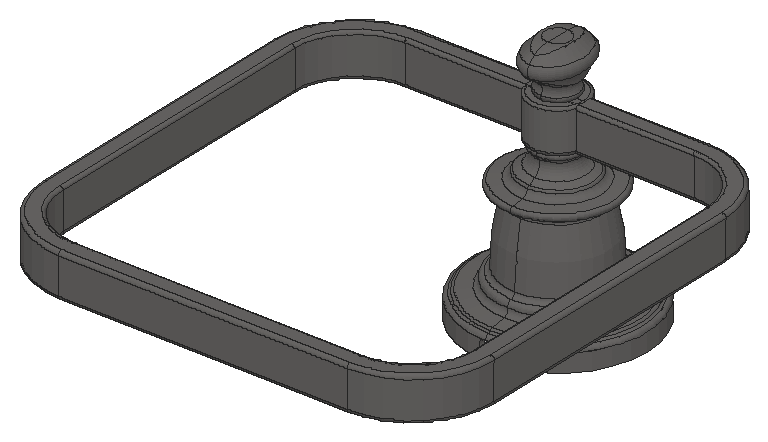
Revit family "Accessory-Towel_Ring-KOHLER-Relic-K-26496_1", category Specialty Equipment, host Face, Revit 2021
Family settings
  Host = Face
  Round Connector Dimension = Use Diameter
  Part Type = Normal
  OmniClass Number = 23.31.25.25
  OmniClass Title = Towel Bars
  Cut with Voids When Loaded = No
  Shared = No
  Room Calculation Point = No
Parameters (values of type "2BZ-Oil Rubbed Bronze")
  Width = 3 51/256"  # constant formula
  WaterSense Certified = 1 = 0  # no
  URL = "https://www.us.kohler.com/us/"
  Type = 1
  Product Page URL = "http://www.us.kohler.com/us/catalog/productDetails.jsp?productId=26496"
  Product Name = "Relic"  # constant formula
  Product Documentation Link = "https://www.us.kohler.com/webassets/kpna/catalog/pdf/en/K-26496_spec_US-CA_Kohler_en.pdf"
  Model = if(Type = 1, "K-26496-2BZ", if(Type = 2, "K-26496-2MB", if(Type = 3, "K-26496-BN", if(Type = 4, "K-26496-CP", "NA"))))  # "K-26496-2BZ"
  Material = "Premium Metal Construction"  # constant formula
  Master Format 2014 Name = "Toilet, Bath, and Laundry Accessories"  # constant formula
  Master Format 2014 = "10 28 00"  # constant formula
  Manufacturer Address = "444 Highland Dr, Kohler, WI 53044"  # constant formula
  Manufacturer = "Kohler Co."  # constant formula
  Length = 5.75244"  # constant formula
  Height = 6.78346"  # constant formula
  Finish = Kohler-Metal-2BZ-Oil_Rubbed_Bronze
  Environmental Product Declaration = ""
  Description = "Towel ring"  # constant formula
  Default Elevation = 42"
  Declare Label = ""
  Date Modified = "12/15/2022"  # constant formula
  Date Created = "12/15/2022"  # constant formula
  Copyright = "Copyright Kohler Co."  # constant formula
  Contact Us = "https://www.us.kohler.com/us/static/contact.jsp"
  Assembly Code = "C1030200"
  ADA Compliant = 1 = 0  # no
Types (5): name | Type | Model | Finish
  (no name) | 1 | "K-26496-2BZ" | Kohler-Metal-2BZ-Oil_Rubbed_Bronze
  2BZ-Oil Rubbed Bronze | 1 | "K-26496-2BZ" | Kohler-Metal-2BZ-Oil_Rubbed_Bronze
  2MB-Vibrant Brushed Moderne Brass | 2 | "K-26496-2MB" | Kohler-Metal-2MB-Vibrant_Brushed_Moderne_Brass
  BN-Vibrant Brushed Nickel | 3 | "K-26496-BN" | Kohler-Metal-BN-Vibrant_Brushed_Nickel
  CP-Polished Chrome | 4 | "K-26496-CP" | Kohler-Metal-CP-Polished_Chrome
Reference planes (in)
  plane 1 "Center (Front/Back)": y = 0
  plane 2: z = 0
  plane 3 "Center (Left/Right)": x = 0
  plane 4: y = 1.14381
  plane 5: y = -5.63965
  plane 6: x = -2.87357
  plane 7: x = 2.87888
  plane 8: y = -1.14359
  plane 9: x = 1.31693
  plane 10: x = -1.31693
  plane 11: z = 3.19922
  plane 12: x = -1.1437
  plane 13: x = 1.1437
  plane 14: z = 2.02512
  plane 15: z = 2.5763
Dimensions and locks (in)
  "Width": level to plane 11
  "Length": plane 6 to plane 7
  "Height": plane 5 to plane 4
  plane 15 to plane 14 = 0.55118"
  plane 12 to plane 13 = 2.2874"  (x2)
  plane 6 to plane 7 = 5.75244"
  level to plane 11 = 3 51/256"
  plane 10 to plane 9 = 2.63386"
  aligned and locked: plane 2 to host face
  aligned and locked: level to host face
  aligned and locked: plane 3 "Center (Left/Right)" to nested 1
  aligned and locked: plane 1 "Center (Front/Back)" to nested 1
Automatic sketch dimensions
  host sketch curve to host sketch curve = 96"  (x2)
Nested families (in)
  nested 1: "K-26496" at (0, 0, 0), type "K-26496"
Definition of nested family "K-26496"
  Parameters
    Material = none
    Default Elevation = 0"
  Reference planes (in)
    plane 1 "Center (Front/Back)": y = 0
    plane 2: z = 0
    plane 3 "Center (Left/Right)": x = 0
    plane 4: z = 3.20079
    plane 5: y = -1.14359
    plane 6: x = -1.31693
    plane 7: x = 1.31693
    plane 8: x = -1.1437
    plane 9: x = 1.1437
    plane 10: y = 1.14381
    plane 11: z = 2.5763
    plane 12 "A": through (0, -0.57661, 0.10418) normal (0, 0.0698, 0.9976)
    plane 13: z = 2.02512
    plane 14: x = 2.87886
    plane 15: x = -2.87357
    plane 16: y = -5.63965
    plane 17: y = 0.45144
  Forms (in)
    Revolve 1, solid, material <- "Material", detail levels medium+fine
      sketch origin (0, 0, 0) x (0, 1, 0) y (0, 0, 1)
        loop
          line (0, 0) -> (1.14381, 0) -> (1.14381, 0.22705)
          arc (1.14381, 0.22705) -> (1.12922, 0.26507) -> (1.09294, 0.28358) r 0.05684
          arc (1.09294, 0.28358) -> (1.0771, 0.28968) -> (1.06645, 0.30291) r 0.0327
          arc (1.06645, 0.30291) -> (1.05374, 0.31875) -> (1.03481, 0.32615) r 0.03937
          arc (1.03481, 0.32615) -> (0.93986, 0.3392) -> (0.84568, 0.35697) r 1.92
          arc (0.84568, 0.35697) -> (0.79922, 0.38853) -> (0.78787, 0.44353) r 0.07472
          arc (0.78787, 0.44353) -> (0.77586, 0.4934) -> (0.73082, 0.51793) r 0.06318
          arc (0.73082, 0.51793) -> (0.69186, 0.53707) -> (0.67652, 0.57767) r 0.05906
          arc (0.67652, 0.57767) -> (0.65551, 0.97908) -> (0.58087, 1.37404) r 2.99092
          arc (0.58087, 1.37404) -> (0.58262, 1.40029) -> (0.59971, 1.42029) r 0.04178
          arc (0.59971, 1.42029) -> (0.66329, 1.45847) -> (0.72688, 1.4962) r 13.83242
          arc (0.72688, 1.4962) -> (0.74628, 1.53821) -> (0.71379, 1.57117) r 0.04066
          arc (0.71379, 1.57117) -> (0.63641, 1.58357) -> (0.55844, 1.59157) r 1.38402
          arc (0.55844, 1.59157) -> (0.50183, 1.61516) -> (0.47061, 1.66795) r 0.09722
          arc (0.47061, 1.66795) -> (0.46381, 1.68299) -> (0.45144, 1.69392) r 0.03937
          arc (0.45144, 1.69392) -> (0.4055, 1.71891) -> (0.35887, 1.74258) r 1.82093
          arc (0.35887, 1.74258) -> (0.28967, 1.81689) -> (0.28782, 1.91842) r 0.14194
          arc (0.28782, 1.91842) -> (0.29893, 1.94088) -> (0.31472, 1.96033) r 0.11268
          arc (0.31472, 1.96033) -> (0.32142, 2.00644) -> (0.27882, 2.02532) r 0.03855
          line (0.27882, 2.02532) -> (0, 2.02532) -> (0, 0)
        loop
          line (0, 3.20079) -> (0, 2.5763) -> (0.22245, 2.5763)
          arc (0.22245, 2.5763) -> (0.2563, 2.59551) -> (0.25716, 2.63442) r 0.03943
          arc (0.25716, 2.63442) -> (0.24489, 2.71454) -> (0.28601, 2.7844) r 0.12087
          arc (0.28601, 2.7844) -> (0.38461, 2.86078) -> (0.48872, 2.92947) r 1.64606
          arc (0.48872, 2.92947) -> (0.5117, 2.96018) -> (0.50696, 2.99825) r 0.05131
          arc (0.50696, 2.99825) -> (0.36246, 3.1464) -> (0.16278, 3.20079) r 0.3937
          line (0.16278, 3.20079) -> (0, 3.20079)
        axis (0, 0) -> (0, 3.20079)
      angle from 0 to 360
    Sweep 2, void
      path origin (0, 0, 0) x (1, 0, 0) y (0, 1, 0)
        loop
          spline (0, -0.51181) -> (0.1019, -0.49437) -> (0.19685, -0.44324) -> (0.27839, -0.36191) -> (0.34095, -0.25591) -> (0.38029, -0.13247) -> (0.3937, 0) -> (0.38029, 0.13247) -> (0.34095, 0.25591) -> (0.27839, 0.36191) -> (0.19685, 0.44324) -> (0.1019, 0.49437) -> (0, 0.51181)
          spline (0, 0.51181) -> (-0.1019, 0.49437) -> (-0.19685, 0.44324) -> (-0.27839, 0.36191) -> (-0.34095, 0.25591) -> (-0.38029, 0.13247) -> (-0.3937, 0) -> (-0.38029, -0.13247) -> (-0.34095, -0.25591) -> (-0.27839, -0.36191) -> (-0.19685, -0.44324) -> (-0.1019, -0.49437) -> (0, -0.51181)
      profile origin (-0.3937, 0, 0) x (-1, 0, 0) y (0, 0, 1)
        loop
          arc (-0.0675, 3.0689) -> (-0.03209, 2.99452) -> (-0.05769, 2.91623) r 0.11099
          arc (-0.05769, 2.91623) -> (-0.11657, 2.81788) -> (-0.14224, 2.70617) r 0.36705
          line (-0.14224, 2.70617) -> (0.16861, 2.70617) -> (0.16861, 3.24417) -> (-0.2366, 3.24417)
          arc (-0.2366, 3.24417) -> (-0.15455, 3.15412) -> (-0.0675, 3.0689) r 2.13506
    Revolve 3, void
      sketch origin (0, 0, 0) x (0, 1, 0) y (0, 0, 1)
        loop
          line (-1.19354, 0.24324) -> (-1.19354, 0.16078) -> (-0.89588, 0.13834) -> (-0.8897, 0.22034) -> (-1.19354, 0.24324)
        axis (-1.19972, 0.16124) -> (-0.89588, 0.13834)
      angle from 0 to 360
    Revolve 4, solid, detail levels medium+fine
      sketch origin (0, 0, 0) x (0, 1, 0) y (0, 0, 1)
        loop
          line (-1.07966, 0.15282) -> (-0.62643, 0.12113) -> (-0.62074, 0.20249) -> (-1.07397, 0.23418) -> (-1.07966, 0.15282)
        axis (-0.62643, 0.12113) -> (-1.07966, 0.15282)
      angle from 0 to 360
    Extrusion 5, void
      sketch origin (0, -0.01355, -0.04208) x (1, 0, 0) y (0, 0.052336, 0.99863)
        loop
          line (0.02887, 0.1825) -> (-0.02457, 0.1825) -> (-0.05129, 0.13622) -> (-0.02457, 0.08994) -> (0.02887, 0.08994) -> (0.05559, 0.13622) -> (0.02887, 0.1825)
      from 0.58065 to 1.2111
    Revolve 6, solid, material <- "Material", detail levels coarse
      sketch origin (0, 0, 0) x (0, 1, 0) y (0, 0, 1)
        loop
          line (0.00011, 0) -> (1.14381, 0) -> (1.14381, 0.22705)
          arc (1.14381, 0.22705) -> (1.12922, 0.26507) -> (1.09294, 0.28358) r 0.05684
          arc (1.09294, 0.28358) -> (1.0771, 0.28968) -> (1.06645, 0.30291) r 0.0327
          arc (1.06645, 0.30291) -> (1.05374, 0.31875) -> (1.03481, 0.32615) r 0.03937
          arc (1.03481, 0.32615) -> (0.93986, 0.3392) -> (0.84568, 0.35697) r 1.92
          arc (0.84568, 0.35697) -> (0.79922, 0.38853) -> (0.78787, 0.44353) r 0.07472
          arc (0.78787, 0.44353) -> (0.77586, 0.4934) -> (0.73082, 0.51793) r 0.06318
          arc (0.73082, 0.51793) -> (0.69186, 0.53707) -> (0.67652, 0.57767) r 0.05906
          arc (0.67652, 0.57767) -> (0.65551, 0.97908) -> (0.58087, 1.37404) r 2.99092
          arc (0.58087, 1.37404) -> (0.58262, 1.40029) -> (0.59971, 1.42029) r 0.04178
          arc (0.59971, 1.42029) -> (0.6631, 1.45836) -> (0.72688, 1.4962) r 13.83242
          arc (0.72688, 1.4962) -> (0.74628, 1.53821) -> (0.71379, 1.57117) r 0.04066
          arc (0.71379, 1.57117) -> (0.63641, 1.58357) -> (0.55844, 1.59157) r 1.38402
          arc (0.55844, 1.59157) -> (0.50183, 1.61516) -> (0.47061, 1.66795) r 0.09722
          arc (0.47061, 1.66795) -> (0.46381, 1.68299) -> (0.45144, 1.69392) r 0.03937
          arc (0.45144, 1.69392) -> (0.4055, 1.71891) -> (0.35887, 1.74258) r 1.82093
          arc (0.35887, 1.74258) -> (0.28967, 1.81689) -> (0.28782, 1.91842) r 0.14194
          arc (0.28782, 1.91842) -> (0.29893, 1.94088) -> (0.31472, 1.96033) r 0.11268
          arc (0.31472, 1.96033) -> (0.3248, 1.99819) -> (0.29654, 2.02532) r 0.03855
          line (0.29654, 2.02532) -> (0.00011, 2.02532) -> (0.00011, 0)
        loop
          arc (0.25716, 2.63442) -> (0.24489, 2.71454) -> (0.28601, 2.7844) r 0.12087
          arc (0.28601, 2.7844) -> (0.38461, 2.86078) -> (0.48872, 2.92947) r 1.64606
          arc (0.48872, 2.92947) -> (0.5117, 2.96018) -> (0.50696, 2.99825) r 0.05131
          arc (0.50696, 2.99825) -> (0.43689, 3.08111) -> (0.34058, 3.13113) r 0.28013
          arc (0.34058, 3.13113) -> (0.26723, 3.15241) -> (0.19381, 3.17342) r 21.4479
          arc (0.19381, 3.17342) -> (0.09792, 3.1939) -> (0.00011, 3.20079) r 0.7
          line (0.00011, 3.20079) -> (0.00011, 2.5763) -> (0.22245, 2.5763)
          arc (0.22245, 2.5763) -> (0.2563, 2.59551) -> (0.25716, 2.63442) r 0.03943
        axis (0.00011, 0) -> (0.00011, 3.20079)
      angle from 0 to 360
    Sweep 7, solid, material <- "Material", detail levels medium+fine
      path origin (0, 0, 0) x (1, 0, 0) y (0, 1, 0)
        loop
          line (-1.83696, -5.39054) -> (1.83696, -5.39054)
          arc (1.83696, -5.39054) -> (2.39374, -5.15991) -> (2.62436, -4.60314) r 0.7874
          line (2.62436, -4.60314) -> (2.62436, -0.91601)
          arc (2.62436, -0.91601) -> (2.39374, -0.35923) -> (1.83696, -0.1286) r 0.7874
          line (1.83696, -0.1286) -> (0.03805, -0.1286) -> (-1.83696, -0.1286)
          arc (-1.83696, -0.1286) -> (-2.39374, -0.35923) -> (-2.62436, -0.91601) r 0.7874
          line (-2.62436, -0.91601) -> (-2.62436, -4.60314)
          arc (-2.62436, -4.60314) -> (-2.39374, -5.15991) -> (-1.83696, -5.39054) r 0.7874
      profile origin (0, -5.39054, 0) x (0, 1, 0) y (0, 0, 1)
        loop
          line (-0.24935, 2.52935) -> (-0.24935, 2.06214)
          arc (-0.24935, 2.06214) -> (-0.23859, 2.03616) -> (-0.2126, 2.02539) r 0.03675
          line (-0.2126, 2.02539) -> (-0.03161, 2.02539)
          arc (-0.03161, 2.02539) -> (-0.00496, 2.03643) -> (0.00608, 2.06309) r 0.03769
          line (0.00608, 2.06309) -> (0.00608, 2.53881)
          arc (0.00608, 2.53881) -> (-0.00493, 2.5654) -> (-0.03151, 2.57641) r 0.0376
          line (-0.03151, 2.57641) -> (-0.20229, 2.57641)
          arc (-0.20229, 2.57641) -> (-0.23557, 2.56262) -> (-0.24935, 2.52935) r 0.04706
    Extrusion 8, solid, material <- "Material", detail levels coarse
      sketch origin (0, 0, 0) x (1, 0, 0) y (0, 1, 0)
        loop
          arc (-2.61766, -4.60123) -> (-2.38704, -5.15801) -> (-1.83026, -5.38863) r 0.7874
          line (-1.83026, -5.38863) -> (1.83555, -5.38863)
          arc (1.83555, -5.38863) -> (2.39233, -5.15801) -> (2.62295, -4.60123) r 0.7874
          line (2.62295, -4.60123) -> (2.62295, -0.92487)
          arc (2.62295, -0.92487) -> (2.39233, -0.36809) -> (1.83555, -0.13747) r 0.7874
          line (1.83555, -0.13747) -> (-1.83026, -0.13747)
          arc (-1.83026, -0.13747) -> (-2.38704, -0.36809) -> (-2.61766, -0.92487) r 0.7874
          line (-2.61766, -0.92487) -> (-2.61766, -4.60123)
        loop
          arc (1.83555, -5.64454) -> (2.57328, -5.33896) -> (2.87886, -4.60123) r 1.04331
          line (2.87886, -4.60123) -> (2.87886, -0.92487)
          arc (2.87886, -0.92487) -> (2.57328, -0.18714) -> (1.83555, 0.11844) r 1.04331
          line (1.83555, 0.11844) -> (-1.83026, 0.11844)
          arc (-1.83026, 0.11844) -> (-2.56799, -0.18714) -> (-2.87357, -0.92487) r 1.04331
          line (-2.87357, -0.92487) -> (-2.87357, -4.60123)
          arc (-2.87357, -4.60123) -> (-2.56799, -5.33896) -> (-1.83026, -5.64454) r 1.04331
          line (-1.83026, -5.64454) -> (1.83555, -5.64454)
      from 2.02532 to 2.57641
    Revolve 9, solid, material <- "Material"
      sketch origin (0, 0, 0) x (1, 0, 0) y (0, 0, 1)
        loop
          line (0, 2.02532) -> (0, 2.57656) -> (-0.33143, 2.57656)
          arc (-0.33143, 2.57656) -> (-0.35275, 2.56773) -> (-0.36158, 2.54641) r 0.03015
          line (-0.36158, 2.54641) -> (-0.36158, 2.06714)
          arc (-0.36158, 2.06714) -> (-0.34933, 2.03757) -> (-0.31975, 2.02532) r 0.04183
          line (-0.31975, 2.02532) -> (0, 2.02532)
        axis (0, 2.02532) -> (0, 2.57656)
      angle from 0 to 360
  Cuts and joins
    Sweep 2, Revolve 3 cuts Revolve 1
    Extrusion 5 cuts Revolve 4
  Lines and regions (in)
    Masking region 1
      outline origin (0, 0, 0) x (1, 0, 0) y (0, 1, 0)
        loop
          arc (0.0099, 1.14377) -> (-0.76209, 0.85295) -> (-1.13766, 0.11844) r 1.14381
          line (-1.13766, 0.11844) -> (-1.83026, 0.11844)
          arc (-1.83026, 0.11844) -> (-2.56799, -0.18714) -> (-2.87357, -0.92487) r 1.04331
          line (-2.87357, -0.92487) -> (-2.87357, -4.59635)
          arc (-2.87357, -4.59635) -> (-2.56799, -5.33408) -> (-1.83026, -5.63965) r 1.04331
          line (-1.83026, -5.63965) -> (1.83555, -5.63965)
          arc (1.83555, -5.63965) -> (2.57328, -5.33408) -> (2.87886, -4.59635) r 1.04331
          line (2.87886, -4.59635) -> (2.87886, -0.92487)
          arc (2.87886, -0.92487) -> (2.57328, -0.18714) -> (1.83555, 0.11844) r 1.04331
          line (1.83555, 0.11844) -> (1.13766, 0.11844)
          arc (1.13766, 0.11844) -> (0.76945, 0.84632) -> (0.0099, 1.14377) r 1.14381
        loop
          arc (-1.83026, -0.13747) -> (-2.38704, -0.36809) -> (-2.61766, -0.92487) r 0.7874
          line (-2.61766, -0.92487) -> (-2.61766, -4.60123)
          arc (-2.61766, -4.60123) -> (-2.38704, -5.15801) -> (-1.83026, -5.38863) r 0.7874
          line (-1.83026, -5.38863) -> (1.83555, -5.38863)
          arc (1.83555, -5.38863) -> (2.39233, -5.15801) -> (2.62295, -4.60123) r 0.7874
          line (2.62295, -4.60123) -> (2.62295, -0.92487)
          arc (2.62295, -0.92487) -> (2.39233, -0.36809) -> (1.83555, -0.13747) r 0.7874
          line (1.83555, -0.13747) -> (1.1354, -0.13747)
          arc (1.1354, -0.13747) -> (0.75852, -0.85587) -> (0, -1.14359) r 1.1437
          arc (0, -1.14359) -> (-0.75852, -0.85587) -> (-1.1354, -0.13747) r 1.1437
          line (-1.1354, -0.13747) -> (-1.83026, -0.13747)
    Masking region 2
      outline origin (0, 0, 0) x (1, 0, 0) y (0, 0, 1)
        loop
          line (0, 0) -> (1.14381, 0) -> (1.14381, 0.23146)
          arc (1.14381, 0.23146) -> (1.13314, 0.26202) -> (1.10576, 0.2793) r 0.04911
          arc (1.10576, 0.2793) -> (1.08212, 0.29038) -> (1.06509, 0.31018) r 0.06231
          arc (1.06509, 0.31018) -> (1.05463, 0.32127) -> (1.04006, 0.32578) r 0.02998
          arc (1.04006, 0.32578) -> (0.93165, 0.338) -> (0.82596, 0.36507) r 0.78926
          arc (0.82596, 0.36507) -> (0.7924, 0.39405) -> (0.78918, 0.43827) r 0.05793
          arc (0.78918, 0.43827) -> (0.78328, 0.48939) -> (0.74042, 0.51786) r 0.06108
          arc (0.74042, 0.51786) -> (0.69448, 0.54336) -> (0.67629, 0.59264) r 0.07554
          arc (0.67629, 0.59264) -> (0.65262, 0.98618) -> (0.58084, 1.37384) r 3.20634
          arc (0.58084, 1.37384) -> (0.58433, 1.40394) -> (0.60679, 1.42427) r 0.04301
          arc (0.60679, 1.42427) -> (0.67684, 1.45912) -> (0.73987, 1.50546) r 0.45473
          arc (0.73987, 1.50546) -> (0.75041, 1.52054) -> (0.75277, 1.53879) r 0.0386
          arc (0.75277, 1.53879) -> (0.7461, 1.55508) -> (0.73187, 1.56545) r 0.03227
          arc (0.73187, 1.56545) -> (0.68696, 1.5794) -> (0.64085, 1.58862) r 0.45259
          arc (0.64085, 1.58862) -> (0.60453, 1.59245) -> (0.56802, 1.59333) r 0.45259
          arc (0.56802, 1.59333) -> (0.50241, 1.61681) -> (0.46854, 1.6777) r 0.09897
          arc (0.46854, 1.6777) -> (0.46087, 1.69214) -> (0.44583, 1.69856) r 0.02454
          arc (0.44583, 1.69856) -> (0.30384, 1.79456) -> (0.31843, 1.96534) r 0.16929
          arc (0.31843, 1.96534) -> (0.32193, 2.00333) -> (0.29076, 2.02532) r 0.03811
          line (0.29076, 2.02532) -> (2.84881, 2.02532)
          arc (2.84881, 2.02532) -> (2.87359, 2.03558) -> (2.88386, 2.06036) r 0.03505
          line (2.88386, 2.06036) -> (2.88386, 2.54063)
          arc (2.88386, 2.54063) -> (2.87341, 2.56585) -> (2.84819, 2.5763) r 0.03567
          line (2.84819, 2.5763) -> (0.22381, 2.5763)
          arc (0.22381, 2.5763) -> (0.25668, 2.5946) -> (0.25845, 2.63218) r 0.03867
          arc (0.25845, 2.63218) -> (0.2457, 2.67338) -> (0.24665, 2.71649) r 0.13451
          arc (0.24665, 2.71649) -> (0.27506, 2.79868) -> (0.32647, 2.86881) r 0.29117
          arc (0.32647, 2.86881) -> (0.35583, 2.90123) -> (0.38203, 2.93625) r 0.46854
          arc (0.38203, 2.93625) -> (0.39516, 2.9742) -> (0.38749, 3.01361) r 0.07732
          arc (0.38749, 3.01361) -> (0.35829, 3.06037) -> (0.32012, 3.10014) r 0.26739
          arc (0.32012, 3.10014) -> (0.23502, 3.15453) -> (0.13855, 3.18443) r 0.37777
          arc (0.13855, 3.18443) -> (0.06947, 3.1943) -> (0, 3.20079) r 1.42644
          arc (0, 3.20079) -> (-0.06947, 3.1943) -> (-0.13855, 3.18443) r 1.42644
          arc (-0.13855, 3.18443) -> (-0.23502, 3.15453) -> (-0.32012, 3.10014) r 0.37777
          arc (-0.32012, 3.10014) -> (-0.35829, 3.06037) -> (-0.38749, 3.01361) r 0.26739
          arc (-0.38749, 3.01361) -> (-0.39516, 2.9742) -> (-0.38203, 2.93625) r 0.07732
          arc (-0.38203, 2.93625) -> (-0.35583, 2.90123) -> (-0.32647, 2.86881) r 0.46854
          arc (-0.32647, 2.86881) -> (-0.27506, 2.79868) -> (-0.24665, 2.71649) r 0.29117
          arc (-0.24665, 2.71649) -> (-0.2457, 2.67338) -> (-0.25845, 2.63218) r 0.13451
          arc (-0.25845, 2.63218) -> (-0.25668, 2.5946) -> (-0.22381, 2.5763) r 0.03867
          line (-0.22381, 2.5763) -> (-2.84819, 2.5763)
          arc (-2.84819, 2.5763) -> (-2.87341, 2.56585) -> (-2.88386, 2.54063) r 0.03567
          line (-2.88386, 2.54063) -> (-2.88386, 2.06102)
          arc (-2.88386, 2.06102) -> (-2.8734, 2.03577) -> (-2.84816, 2.02532) r 0.0357
          line (-2.84816, 2.02532) -> (-0.29076, 2.02532)
          arc (-0.29076, 2.02532) -> (-0.32193, 2.00333) -> (-0.31843, 1.96534) r 0.03811
          arc (-0.31843, 1.96534) -> (-0.30384, 1.79456) -> (-0.44583, 1.69856) r 0.16929
          arc (-0.44583, 1.69856) -> (-0.46087, 1.69214) -> (-0.46854, 1.6777) r 0.02454
          arc (-0.46854, 1.6777) -> (-0.50241, 1.61681) -> (-0.56802, 1.59333) r 0.09897
          arc (-0.56802, 1.59333) -> (-0.60453, 1.59245) -> (-0.64085, 1.58862) r 0.45259
          arc (-0.64085, 1.58862) -> (-0.68696, 1.5794) -> (-0.73187, 1.56545) r 0.45259
          arc (-0.73187, 1.56545) -> (-0.7461, 1.55508) -> (-0.75277, 1.53879) r 0.03227
          arc (-0.75277, 1.53879) -> (-0.75041, 1.52054) -> (-0.73987, 1.50546) r 0.0386
          arc (-0.73987, 1.50546) -> (-0.67684, 1.45912) -> (-0.60679, 1.42427) r 0.45473
          arc (-0.60679, 1.42427) -> (-0.58433, 1.40394) -> (-0.58084, 1.37384) r 0.04301
          arc (-0.58084, 1.37384) -> (-0.65262, 0.98618) -> (-0.67629, 0.59264) r 3.20634
          arc (-0.67629, 0.59264) -> (-0.69448, 0.54336) -> (-0.74042, 0.51786) r 0.07554
          arc (-0.74042, 0.51786) -> (-0.78328, 0.48939) -> (-0.78918, 0.43827) r 0.06108
          arc (-0.78918, 0.43827) -> (-0.7924, 0.39405) -> (-0.82596, 0.36507) r 0.05793
          arc (-0.82596, 0.36507) -> (-0.93165, 0.338) -> (-1.04006, 0.32578) r 0.78926
          arc (-1.04006, 0.32578) -> (-1.05463, 0.32127) -> (-1.06509, 0.31018) r 0.02998
          arc (-1.06509, 0.31018) -> (-1.08212, 0.29038) -> (-1.10576, 0.2793) r 0.06231
          arc (-1.10576, 0.2793) -> (-1.13314, 0.26202) -> (-1.14381, 0.23146) r 0.04911
          line (-1.14381, 0.23146) -> (-1.14381, 0) -> (0, 0)
    Masking region 3
      outline origin (0, 0, 0) x (0, 1, 0) y (0, 0, 1)
        loop
          line (0, 0) -> (1.14381, 0) -> (1.14381, 0.22705)
          arc (1.14381, 0.22705) -> (1.12922, 0.26507) -> (1.09294, 0.28358) r 0.05684
          arc (1.09294, 0.28358) -> (1.0771, 0.28968) -> (1.06645, 0.30291) r 0.0327
          arc (1.06645, 0.30291) -> (1.05374, 0.31875) -> (1.03481, 0.32615) r 0.03937
          arc (1.03481, 0.32615) -> (0.93986, 0.3392) -> (0.84568, 0.35697) r 1.92
          arc (0.84568, 0.35697) -> (0.79922, 0.38853) -> (0.78787, 0.44353) r 0.07472
          arc (0.78787, 0.44353) -> (0.77586, 0.4934) -> (0.73082, 0.51793) r 0.06318
          arc (0.73082, 0.51793) -> (0.69186, 0.53707) -> (0.67652, 0.57767) r 0.05906
          arc (0.67652, 0.57767) -> (0.65551, 0.97908) -> (0.58087, 1.37404) r 2.99092
          arc (0.58087, 1.37404) -> (0.58262, 1.40029) -> (0.59971, 1.42029) r 0.04178
          arc (0.59971, 1.42029) -> (0.66329, 1.45847) -> (0.72688, 1.4962) r 13.83242
          arc (0.72688, 1.4962) -> (0.74628, 1.53821) -> (0.71379, 1.57117) r 0.04066
          arc (0.71379, 1.57117) -> (0.63641, 1.58357) -> (0.55844, 1.59157) r 1.38402
          arc (0.55844, 1.59157) -> (0.50183, 1.61516) -> (0.47061, 1.66795) r 0.09722
          arc (0.47061, 1.66795) -> (0.46381, 1.68299) -> (0.45144, 1.69392) r 0.03937
          arc (0.45144, 1.69392) -> (0.4055, 1.71891) -> (0.35887, 1.74258) r 1.82093
          arc (0.35887, 1.74258) -> (0.28967, 1.81689) -> (0.28782, 1.91842) r 0.14194
          arc (0.28782, 1.91842) -> (0.29893, 1.94088) -> (0.31472, 1.96033) r 0.11268
          arc (0.31472, 1.96033) -> (0.3248, 1.99819) -> (0.29654, 2.02532) r 0.03855
          line (0.29654, 2.02532) -> (0.41822, 2.02532)
          arc (0.41822, 2.02532) -> (0.44171, 2.03505) -> (0.45144, 2.05854) r 0.03322
          line (0.45144, 2.05854) -> (0.45144, 2.53995)
          arc (0.45144, 2.53995) -> (0.44079, 2.56565) -> (0.41508, 2.5763) r 0.03636
          line (0.41508, 2.5763) -> (0.22245, 2.5763)
          arc (0.22245, 2.5763) -> (0.2563, 2.59551) -> (0.25716, 2.63442) r 0.03943
          arc (0.25716, 2.63442) -> (0.24489, 2.71454) -> (0.28601, 2.7844) r 0.12087
          arc (0.28601, 2.7844) -> (0.38461, 2.86078) -> (0.48872, 2.92947) r 1.64606
          arc (0.48872, 2.92947) -> (0.5117, 2.96018) -> (0.50696, 2.99825) r 0.05131
          arc (0.50696, 2.99825) -> (0.43689, 3.08111) -> (0.34058, 3.13113) r 0.28013
          arc (0.34058, 3.13113) -> (0.26723, 3.15241) -> (0.19381, 3.17342) r 21.4479
          arc (0.19381, 3.17342) -> (0, 3.20079) -> (-0.19381, 3.17342) r 0.7
          arc (-0.19381, 3.17342) -> (-0.26723, 3.15241) -> (-0.34058, 3.13113) r 21.4479
          arc (-0.34058, 3.13113) -> (-0.43689, 3.08111) -> (-0.50696, 2.99825) r 0.28013
          arc (-0.50696, 2.99825) -> (-0.5117, 2.96018) -> (-0.48872, 2.92947) r 0.05131
          arc (-0.48872, 2.92947) -> (-0.38461, 2.86078) -> (-0.28601, 2.7844) r 1.64606
          arc (-0.28601, 2.7844) -> (-0.24489, 2.71454) -> (-0.25716, 2.63442) r 0.12087
          arc (-0.25716, 2.63442) -> (-0.2563, 2.59551) -> (-0.22245, 2.5763) r 0.03943
          line (-0.22245, 2.5763) -> (-5.61189, 2.5763)
          arc (-5.61189, 2.5763) -> (-5.63546, 2.56654) -> (-5.64523, 2.54297) r 0.03334
          line (-5.64523, 2.54297) -> (-5.64523, 2.05996)
          arc (-5.64523, 2.05996) -> (-5.63508, 2.03547) -> (-5.61058, 2.02532) r 0.03465
          line (-5.61058, 2.02532) -> (-0.29654, 2.02532)
          arc (-0.29654, 2.02532) -> (-0.3248, 1.99819) -> (-0.31472, 1.96033) r 0.03855
          arc (-0.31472, 1.96033) -> (-0.29893, 1.94088) -> (-0.28782, 1.91842) r 0.11268
          arc (-0.28782, 1.91842) -> (-0.28967, 1.81689) -> (-0.35887, 1.74258) r 0.14194
          arc (-0.35887, 1.74258) -> (-0.4055, 1.71891) -> (-0.45144, 1.69392) r 1.82093
          arc (-0.45144, 1.69392) -> (-0.46381, 1.68299) -> (-0.47061, 1.66795) r 0.03937
          arc (-0.47061, 1.66795) -> (-0.50183, 1.61516) -> (-0.55844, 1.59157) r 0.09722
          arc (-0.55844, 1.59157) -> (-0.63641, 1.58357) -> (-0.71379, 1.57117) r 1.38402
          arc (-0.71379, 1.57117) -> (-0.74628, 1.53821) -> (-0.72688, 1.4962) r 0.04066
          arc (-0.72688, 1.4962) -> (-0.66329, 1.45847) -> (-0.5999, 1.42041) r 13.83242
          arc (-0.5999, 1.42041) -> (-0.58262, 1.40029) -> (-0.58087, 1.37404) r 0.04178
          arc (-0.58087, 1.37404) -> (-0.65551, 0.97908) -> (-0.67652, 0.57767) r 2.99092
          arc (-0.67652, 0.57767) -> (-0.69186, 0.53707) -> (-0.73082, 0.51793) r 0.05906
          arc (-0.73082, 0.51793) -> (-0.77586, 0.4934) -> (-0.78787, 0.44353) r 0.06318
          arc (-0.78787, 0.44353) -> (-0.79922, 0.38853) -> (-0.84568, 0.35697) r 0.07472
          arc (-0.84568, 0.35697) -> (-0.93986, 0.3392) -> (-1.03481, 0.32615) r 1.92
          arc (-1.03481, 0.32615) -> (-1.05374, 0.31875) -> (-1.06645, 0.30291) r 0.03937
          arc (-1.06645, 0.30291) -> (-1.0771, 0.28968) -> (-1.09294, 0.28358) r 0.0327
          arc (-1.09294, 0.28358) -> (-1.12922, 0.26507) -> (-1.14381, 0.22705) r 0.05684
          line (-1.14381, 0.22705) -> (-1.14381, 0) -> (0, 0)
    symbolic lines, detail levels medium+fine
      curve 1: line (0, 1.14381, 0.22705) -> (0, -1.15267, 0.22705)
      curve 2: line (0, 1.09294, 0.28358) -> (0, -1.09294, 0.28358)
      curve 3: line (0, 1.03481, 0.32615) -> (0, -1.03481, 0.32615)
      curve 4: line (0, 0.78787, 0.44353) -> (0, -0.78787, 0.44353)
      curve 5: line (0, 0.67652, 0.57767) -> (0, -0.67652, 0.57767)
      curve 6: line (0, 0.55844, 1.59157) -> (0, -0.55844, 1.59157)
      curve 7: line (0, 0.5999, 1.42041) -> (0, -0.5999, 1.42041)
      curve 8: line (0, 0.58087, 1.37404) -> (0, -0.58087, 1.37404)
      curve 9: line (0, 0.45144, 1.69392) -> (0, -0.45144, 1.69392)
      curve 10: line (0, 0.47061, 1.66795) -> (0, -0.47061, 1.66795)
      curve 11: line (0, 0.29654, 2.02532) -> (0, -0.29654, 2.02532)
      curve 12: line (0, 0.31472, 1.96033) -> (0, -0.31472, 1.96033)
      curve 13: line (0, 0.25716, 2.63442) -> (0, -0.25716, 2.63442)
      curve 14: line (0, 0.24272, 2.69172) -> (0, -0.24272, 2.69172)
      curve 15: spline (0, -0.59055, 0) -> (0.10083, -0.57043, 0) -> (0.19478, -0.51143, 0) -> (0.27547, -0.41758, 0) -> (0.33738, -0.29528, 0) -> (0.37629, -0.15285, 0) -> (0.38957, 0, 0) -> (0.37629, 0.15285, 0) -> (0.33738, 0.29528, 0) -> (0.27547, 0.41758, 0) -> (0.19478, 0.51143, 0) -> (0.10083, 0.57043, 0) -> (0, 0.59055, 0) -> (-0.10083, 0.57043, 0) -> (-0.19478, 0.51143, 0) -> (-0.27547, 0.41758, 0) -> (-0.33738, 0.29528, 0) -> (-0.37629, 0.15285, 0) -> (-0.38957, 0, 0) -> (-0.37629, -0.15285, 0) -> (-0.33738, -0.29528, 0) -> (-0.27547, -0.41758, 0) -> (-0.19478, -0.51143, 0) -> (-0.10083, -0.57043, 0) -> (0, -0.59055, 0)
      curve 16: arc (-0.43302, 1.01602, 0) -> (-0.8874, 0.65751, 0) -> (-1.09807, 0.11844, 0) r 1.10444
      curve 17: arc (-0.25975, 1.03291, 0) -> (-0.80218, 0.70063, 0) -> (-1.05847, 0.11844, 0) r 1.06507
      curve 18: arc (-0.18184, 0.7585, 0) -> (-0.57391, 0.52822, 0) -> (-0.77095, 0.11844, 0) r 0.77999
      curve 19: arc (-0.184, 0.7174, 0) -> (-0.54684, 0.49949, 0) -> (-0.73109, 0.11844, 0) r 0.74062
      curve 20: arc (-0.18968, 0.60902, 0) -> (-0.47626, 0.42434, 0) -> (-0.62678, 0.11844, 0) r 0.63787
      curve 21: arc (-0.22282, 0.49002, 0) -> (-0.41757, 0.3397, 0) -> (-0.52511, 0.11844, 0) r 0.5383
      curve 22: arc (-0.36406, 0.21018, 0) -> (-0.38643, 0.16548, 0) -> (-0.40334, 0.11844, 0) r 0.42037
      curve 23: arc (0.21318, -0.49429, 0) -> (0.4079, -0.35126, 0) -> (0.52045, -0.13747, 0) r 0.5383
      curve 24: arc (0.36406, -0.21018, 0) -> (0.38239, -0.17461, 0) -> (0.39726, -0.13747, 0) r 0.42037
      curve 25: arc (0.34567, -0.27232, 0) -> (0.38776, -0.20807, 0) -> (0.41804, -0.13747, 0) r 0.44006
      curve 26: arc (0.16976, -0.53153, 0) -> (0.40625, -0.3825, 0) -> (0.54078, -0.13747, 0) r 0.55798
      curve 27: arc (-0.34567, 0.27232, 0) -> (-0.39237, 0.19925, 0) -> (-0.42382, 0.11844, 0) r 0.44006
      curve 28: arc (-0.16976, 0.53153, 0) -> (-0.41289, 0.37532, 0) -> (-0.54527, 0.11844, 0) r 0.55798
      curve 29: line (1.14381, 0, 0.23146) -> (-1.14381, 0, 0.23146)
      curve 30: line (1.10576, 0, 0.2793) -> (-1.10576, 0, 0.2793)
      curve 31: line (0.74042, 0, 0.51786) -> (-0.74042, 0, 0.51786)
      curve 32: line (0.78918, 0, 0.43827) -> (-0.78918, 0, 0.43827)
      curve 33: line (1.04006, 0, 0.32578) -> (-1.04006, 0, 0.32578)
      curve 34: line (1.06509, 0, 0.31018) -> (-1.06509, 0, 0.31018)
      curve 35: line (0.77065, 0, 0.50411) -> (-0.77065, 0, 0.50411)
      curve 36: line (0.46854, 0, 1.6777) -> (-0.46854, 0, 1.6777)
      curve 37: line (0.44583, 0, 1.69856) -> (-0.44583, 0, 1.69856)
      curve 38: line (0.64085, 0, 1.58862) -> (-0.64085, 0, 1.58862)
      curve 39: line (0.60679, 0, 1.42427) -> (-0.60679, 0, 1.42427)
      curve 40: line (2.88386, 0, 2.54063) -> (-2.88386, 0, 2.54063)
      curve 41: line (2.88386, 0, 2.06036) -> (-2.88825, 0, 2.06036)
      curve 42: line (2.24137, 0, 2.06036) -> (2.24137, 0, 2.54063)
      curve 43: arc (2.24137, 0, 2.54063) -> (2.22645, 0, 2.56261) -> (2.20369, 0, 2.5763) r 0.06181
      curve 44: arc (2.20975, 0, 2.02532) -> (2.23039, 0, 2.03848) -> (2.24137, 0, 2.06036) r 0.04607
      curve 45: line (0, 0.22245, 2.5763) -> (0, -0.22245, 2.5763)
      curve 46: arc (0.14967, 0.62007, 0) -> (-0.02075, 0.63754, 0) -> (-0.18968, 0.60902, 0) r 0.63787
      curve 47: arc (0.1441, 0.72647, 0) -> (-0.02046, 0.74034, 0) -> (-0.184, 0.7174, 0) r 0.74062
      curve 48: arc (0.14197, 0.76696, 0) -> (-0.02038, 0.77973, 0) -> (-0.18184, 0.7585, 0) r 0.77999
      curve 49: arc (0.22352, 1.04135, 0) -> (-0.0186, 1.06491, 0) -> (-0.25975, 1.03291, 0) r 1.06507
      curve 50: arc (0.43302, 1.01602, 0) -> (0, 1.10444, 0) -> (-0.43302, 1.01602, 0) r 1.10444
      curve 51: line (-0.38165, 0.11844, 0) -> (-1.13766, 0.11844, 0)
      curve 52: arc (-1.79089, 0.09875, 0) -> (-2.52862, -0.20683, 0) -> (-2.8342, -0.94456, 0) r 1.04331
      curve 53: line (-2.8342, -0.94456, 0) -> (-2.8342, -4.58154, 0)
      curve 54: arc (-2.8342, -4.58154, 0) -> (-2.53438, -5.30535, 0) -> (-1.81057, -5.60517, 0) r 1.02362
      curve 55: line (-1.81057, -5.60517, 0) -> (1.81587, -5.60517, 0)
      curve 56: arc (1.81587, -5.60517, 0) -> (2.5536, -5.29959, 0) -> (2.85917, -4.56186, 0) r 1.04331
      curve 57: line (2.85917, -4.56186, 0) -> (2.85917, -0.92487, 0)
      curve 58: line (1.13766, 0.11844, 0) -> (0.38165, 0.11844, 0)
      curve 59: arc (2.85917, -0.92487, 0) -> (2.55936, -0.20106, 0) -> (1.83555, 0.09875, 0) r 1.02362
      curve 60: line (-1.1354, -0.13747, 0) -> (-0.37887, -0.13747, 0)
      curve 61: line (1.09585, -0.13747, 0) -> (1.65309, -0.13747, 0)
      curve 62: arc (-2.63734, -0.92487, 0) -> (-2.40095, -0.35417, 0) -> (-1.83026, -0.11778, 0) r 0.80709
      curve 63: line (-2.63734, -4.60123, 0) -> (-2.63734, -0.92487, 0)
      curve 64: arc (-1.83026, -5.40832, 0) -> (-2.40095, -5.17193, 0) -> (-2.63734, -4.60123, 0) r 0.80709
      curve 65: line (1.83026, -5.40832, 0) -> (-1.83026, -5.40832, 0)
      curve 66: arc (1.83026, -5.40832, 0) -> (2.40095, -5.17193, 0) -> (2.63734, -4.60123, 0) r 0.80709
      curve 67: line (2.63734, -4.60123, 0) -> (2.63734, -0.92487, 0)
      curve 68: arc (2.63734, -0.92487, 0) -> (2.40095, -0.35417, 0) -> (1.83026, -0.11778, 0) r 0.80709
      curve 69: line (1.1354, -0.13747, 0) -> (0.37887, -0.13747, 0)
      curve 70: line (-2.24137, 0, 2.06036) -> (-2.24137, 0, 2.54063)
      curve 71: arc (-2.24137, 0, 2.54063) -> (-2.22645, 0, 2.56261) -> (-2.20369, 0, 2.5763) r 0.06181
      curve 72: arc (-2.20975, 0, 2.02532) -> (-2.23039, 0, 2.03848) -> (-2.24137, 0, 2.06036) r 0.04607
      curve 73: line (0.22381, 0, 2.5763) -> (-0.22381, 0, 2.5763)
      curve 74: line (0.29076, 0, 2.02532) -> (-0.29643, 0, 2.02532)
      curve 75: arc (-1.05616, -0.13747, 0) -> (0, -1.06507, 0) -> (1.05616, -0.13747, 0) r 1.06507
      curve 76: arc (-1.09585, -0.13747, 0) -> (0, -1.10444, 0) -> (1.09585, -0.13747, 0) r 1.10444
      curve 77: arc (-0.76778, -0.13747, 0) -> (0, -0.77999, 0) -> (0.76778, -0.13747, 0) r 0.77999
      curve 78: arc (-0.72775, -0.13747, 0) -> (0, -0.74062, 0) -> (0.72775, -0.13747, 0) r 0.74062
      curve 79: arc (-0.62288, -0.13747, 0) -> (0, -0.63787, 0) -> (0.62288, -0.13747, 0) r 0.63787
      curve 80: arc (-0.54078, -0.13747, 0) -> (-0.40625, -0.3825, 0) -> (-0.16976, -0.53153, 0) r 0.55798
      curve 81: arc (-0.52045, -0.13747, 0) -> (-0.4079, -0.35126, 0) -> (-0.21318, -0.49429, 0) r 0.5383
      curve 82: arc (-0.41804, -0.13747, 0) -> (-0.38776, -0.20807, 0) -> (-0.34567, -0.27232, 0) r 0.44006
      curve 83: arc (-0.39726, -0.13747, 0) -> (-0.38239, -0.17461, 0) -> (-0.36406, -0.21018, 0) r 0.42037
      curve 84: arc (0.40334, 0.11844, 0) -> (0.38643, 0.16548, 0) -> (0.36406, 0.21018, 0) r 0.42037
      curve 85: arc (0.42382, 0.11844, 0) -> (0.39237, 0.19925, 0) -> (0.34567, 0.27232, 0) r 0.44006
      curve 86: arc (0.54527, 0.11844, 0) -> (0.41289, 0.37532, 0) -> (0.16976, 0.53153, 0) r 0.55798
      curve 87: arc (0.52511, 0.11844, 0) -> (0.41422, 0.34378, 0) -> (0.21318, 0.49429, 0) r 0.5383
      curve 88: arc (0.62678, 0.11844, 0) -> (0.4622, 0.43961, 0) -> (0.14967, 0.62007, 0) r 0.63787
      curve 89: arc (0.73109, 0.11844, 0) -> (0.53284, 0.5144, 0) -> (0.1441, 0.72647, 0) r 0.74062
      curve 90: arc (0.77095, 0.11844, 0) -> (0.55991, 0.54303, 0) -> (0.14197, 0.76696, 0) r 0.77999
      curve 91: arc (1.09807, 0.11844, 0) -> (0.8874, 0.65751, 0) -> (0.43302, 1.01602, 0) r 1.10444
      curve 92: arc (1.05847, 0.11844, 0) -> (0.78982, 0.71454, 0) -> (0.22352, 1.04135, 0) r 1.06507
      curve 93: line (1.83555, 0.09875, 0) -> (0.38408, 0.09875, 0)
      curve 94: line (1.83026, -0.11778, 0) -> (0.38174, -0.11778, 0)
      curve 95: line (-1.79089, 0.09875, 0) -> (-0.38408, 0.09875, 0)
      curve 96: line (-1.83026, -0.11778, 0) -> (-0.38174, -0.11778, 0)
  Dimensions and locks (in)
    plane 4 to level = 3.20079"
    locked: plane 6 to plane 7 at 2.63386
    plane 8 to plane 9 = 2.2874"
    locked: plane 10 to plane 5 at 2.2874
    level to plane 4 = 3.20079"
    plane 13 to plane 11 = 0.55118"
    aligned and locked: plane 2 to level
